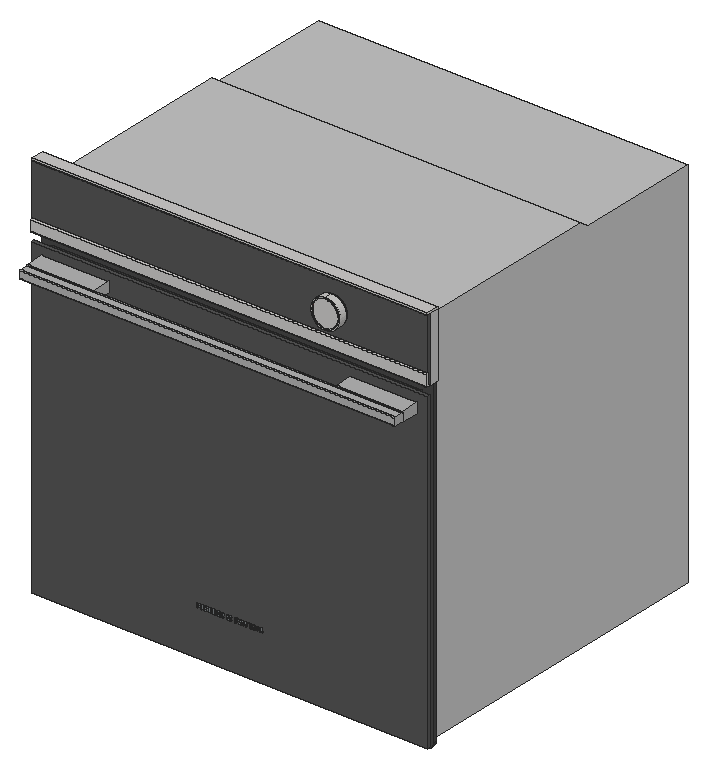
Revit family "FP-Revit18-OB60SD11PLX1-Oven-0-AU-IE-NZ-UK-90002664A", category Specialty Equipment, Revit 2018
Family settings
  Round Connector Dimension = Use Diameter
  Part Type = Normal
  OmniClass Number = 23.40.40.14.17.11
  OmniClass Title = Cookers, Ovens, Stoves
  Work Plane-Based = No
  Always vertical = Yes
  Cut with Voids When Loaded = Yes
  Shared = No
  Room Calculation Point = No
Parameters (values of type "OB60SD11PLX1")
  Visibility - Clearance Required = yes
  URL = "www.fisherpaykel.com"
  Product - Width = 596 mm  # constant formula
  Product - Height = 598 mm  # constant formula
  Product - Depth = 565 mm  # constant formula
  Model = "OB60SD11PLX1"
  Material - Trim = Fisher & Paykel - Stainless Steel
  Material - Structure = Fisher & Paykel - Black
  Material - Logo = Fisher & Paykel - Graphics Grey
  Material - Handle = Fisher & Paykel - Aluminium
  Material - Glass = Fisher & Paykel - Glass, Black
  Material - Buttons and Dials = Fisher & Paykel - Stainless Steel
  Material - Body = Fisher & Paykel - Grey
  Material - Bezel = Fisher & Paykel - Bezel Red
  Manufacturer = "Fisher & Paykel Appliances"
  FFL Offset [instance] = 200 mm
  Description = "60cm Built-In Oven"
  Connector Note - Electrical = "220-240 V, 12.8 - 13.8 A, 50 Hz"
  Chassis - Width = 556 mm  # constant formula
  Chassis - Height = 575 mm  # constant formula
  Chassis - Depth = 545 mm  # constant formula
  Cavity - Width = 560 mm  # constant formula
  Cavity - Height = 580 mm  # constant formula
  Cavity - Depth = 550 mm  # constant formula
Reference planes
  plane 1 "Datum": y = 0
  plane 2: z = 0
  plane 3 "Center (Left/Right)": x = 0
  plane 4 "Cavity": z = 780
  plane 5 "Product Height": z = 798
  plane 6 "Product LHS": x = -298
  plane 7 "Product RHS": x = 298
  plane 8 "Cavity LHS": x = -300
  plane 9 "Cavity RHS": x = 300
  plane 10 "Cavity - Depth": y = 550
  plane 11 "Product Depth": y = 545
  plane 12 "Front Face": y = -20
  plane 13 "FFL Offset": z = 200
  plane 14 "Cavity Height": z = 800
Forms (mm)
  Extrusion 1, solid, material "Fisher & Paykel - Grey" <- "Material - Body"
    sketch origin (0, 0, 0) x (0, 1, 0) y (0, 0, 1)
      loop
        line (0, 200) -> (525, 200) -> (525, 393.99) -> (545, 413.99) -> (545, 609.73) -> (495, 659.73) -> (495, 764.6) -> (307.721, 764.6) -> (293.958, 775) -> (0, 775) -> (0, 200)
    from -278 to 278
  Extrusion 2, void
    sketch origin (0, 0, 0) x (1, 0, 0) y (0, 1, 0)
      loop
        line (-278, 495) -> (-229.13, 495) -> (-179.13, 545) -> (-278, 545) -> (-278, 495)
      loop
        line (278, 495) -> (278, 545) -> (94.617, 545) -> (114.617, 525) -> (199.13, 525) -> (229.13, 495) -> (278, 495)
    from 200 to 764.6
  Extrusion 3, solid, material "Fisher & Paykel - Stainless Steel" <- "Material - Trim"
    sketch origin (0, 0, 0) x (0, 1, 0) y (0, 0, 1)
      loop
        line (0, 798) -> (-20.5, 798) -> (-20.5, 795.1) -> (0, 795.1) -> (0, 798)
    from -297.7 to 297.7
  Extrusion 4, solid, material "Fisher & Paykel - Grey" <- "Material - Body"
    sketch origin (0, 0, 0) x (0, 1, 0) y (0, 0, 1)
      loop
        line (-16, 795.1) -> (-16, 698) -> (0, 698) -> (0, 795.1) -> (-16, 795.1)
    from -297.7 to 297.7
  Extrusion 5, solid, material "Fisher & Paykel - Glass, Black" <- "Material - Glass"
    sketch origin (0, 0, 0) x (1, 0, 0) y (0, 0, 1)
      loop
        line (-298, 685.199) -> (-298, 210.2) -> (298, 210.2) -> (298, 685.199) -> (-298, 685.199)
      loop
        line (-298, 699.5) -> (298, 699.5) -> (298, 794.5) -> (-298, 794.5) -> (-298, 699.5)
    from 16 to 20
  Extrusion 6, solid, material "Fisher & Paykel - Black" <- "Material - Structure"
    sketch origin (0, 0, 0) x (0, 1, 0) y (0, 0, 1)
      loop
        line (-13.8, 683.7) -> (-16, 683.7) -> (-16, 224.7) -> (-5, 224.7) -> (-5, 680.497) -> (-13.8, 683.7)
    from -277 to 277
  Extrusion 7, solid, material "Fisher & Paykel - Black" <- "Material - Structure"
    sketch origin (0, 0, 0) x (1, 0, 0) y (0, 0, 1)
      loop
        line (-295, 698) -> (-295, 209.536)
        arc (-295, 209.536) -> (-292.207, 202.793) -> (-285.464, 200) r 9.536
        line (-285.464, 200) -> (285.5, 200)
        arc (285.5, 200) -> (292.218, 202.782) -> (295, 209.5) r 9.5
        line (295, 209.5) -> (295, 698) -> (-295, 698)
    from 0 to 5
  Extrusion 8, solid, material "Fisher & Paykel - Clearance Required", visible <- "Visibility - Clearance Required", detail levels coarse
    sketch origin (0, 0, 0) x (0, 1, 0) y (0, 0, 1)
      loop
        line (0, 800) -> (-20, 800) -> (-20, 685.452)
        arc (-20, 685.452) -> (-338.426, 558.091) -> (-479.879, 245.669) r 459.33
        line (-479.879, 245.669) -> (-453.852, 243.749) -> (-456.942, 201.858) -> (-440.966, 200.68) -> (-437.876, 242.565) -> (-20, 211.735) -> (-20, 200) -> (0, 200) -> (0, 800)
    from -300 to 300
  Extrusion 9, solid, material "Fisher & Paykel - Clearance Required", visible <- "Visibility - Clearance Required", detail levels coarse
    sketch origin (0, 0, 0) x (1, 0, 0) y (0, 1, 0)
      loop
        line (-280, 0) -> (280, 0) -> (280, 550) -> (-280, 550) -> (-280, 0)
    from 200 to 780
  Extrusion 10, void
    sketch origin (0, 0, 0) x (1, 0, 0) y (0, 1, 0)
      loop
        line (-300, -20) -> (300, -20) -> (300, 0) -> (-300, 0) -> (-300, -20)
    from 200 to 800
  Extrusion 11, solid, material "Fisher & Paykel - Stainless Steel" <- "Material - Trim", detail levels fine
    sketch origin (0, 0, 0) x (0, 1, 0) y (0, 0, 1)
      loop
        line (-21.7, 715.595) -> (-21.7, 699.2)
        arc (-21.7, 699.2) -> (-21.349, 698.351) -> (-20.5, 698) r 1.2
        line (-20.5, 698) -> (-17.526, 698) -> (-17.526, 699.5) -> (-20, 699.5) -> (-20, 717.643) -> (-20.789, 717.643) -> (-21.7, 715.595)
    from -298 to 298
  Extrusion 12, void
    sketch origin (0, 0, 0) x (1, 0, 0) y (0, 1, 0)
      loop
        line (-280, 550) -> (-280, 0) -> (280, 0) -> (280, 550) -> (-280, 550)
    from 200 to 780
  Extrusion 13, solid, material "Fisher & Paykel - Aluminium" <- "Material - Handle", detail levels fine
    sketch origin (0, -21, 664.221) x (0, 1, 0) y (0, 0, 1)
      loop
        arc (-26.813, 6.16) -> (-27.196, 6.554) -> (-27.728, 6.686) r 1
        line (-27.728, 6.686) -> (-40.035, 6.256)
        arc (-40.035, 6.256) -> (-40.719, 5.951) -> (-41, 5.257) r 1
        line (-41, 5.257) -> (-41, -5.257)
        arc (-41, -5.257) -> (-40.719, -5.951) -> (-40.035, -6.256) r 1
        line (-40.035, -6.256) -> (-27.709, -6.686)
        arc (-27.709, -6.686) -> (-27.175, -6.554) -> (-26.792, -6.158) r 1
        arc (-26.792, -6.158) -> (-25.256, 0.004) -> (-26.813, 6.16) r 13.038
    from -282.5 to 282.5
  Extrusion 14, solid, material "Fisher & Paykel - Aluminium" <- "Material - Handle", detail levels fine
    sketch origin (0, -21, 664.221) x (0, 1, 0) y (0, 0, 1)
      loop
        arc (-26.626, -6.008) -> (-26.614, -6.49) -> (-26.2, -6.737) r 0.5
        line (-26.2, -6.737) -> (1, -7.732) -> (1, 7.741) -> (-26.174, 6.747)
        arc (-26.174, 6.747) -> (-26.587, 6.5) -> (-26.6, 6.019) r 0.5
        arc (-26.6, 6.019) -> (-25.156, 0.002) -> (-26.626, -6.008) r 13.136
    from 182.5 to 282.5
  Extrusion 15, solid, material "Fisher & Paykel - Aluminium" <- "Material - Handle", detail levels coarse+medium
    sketch origin (0, -21, 664.221) x (1, 0, 0) y (0, 1, 0)
      loop
        line (-282.5, -41) -> (282.5, -41) -> (282.5, 1) -> (182.5, 1) -> (182.5, -26.156) -> (-182.5, -26.156) -> (-182.5, 1) -> (-282.5, 1) -> (-282.5, -41)
    from -8.022 to 7.978
  Extrusion 16, solid, material "Fisher & Paykel - Aluminium" <- "Material - Handle", detail levels fine
    sketch origin (0, -21, 664.221) x (0, 1, 0) y (0, 0, 1)
      loop
        arc (-26.626, -6.008) -> (-26.614, -6.49) -> (-26.2, -6.737) r 0.5
        line (-26.2, -6.737) -> (1, -7.732) -> (1, 7.741) -> (-26.174, 6.747)
        arc (-26.174, 6.747) -> (-26.587, 6.5) -> (-26.6, 6.019) r 0.5
        arc (-26.6, 6.019) -> (-25.156, 0.002) -> (-26.626, -6.008) r 13.136
    from -282.5 to -182.5
  Extrusion 17, solid, material "Fisher & Paykel - Aluminium" <- "Material - Handle", not visible, detail levels fine
    sketch origin (0, -22, 652) x (0, 1, 0) y (0, 0, 1)
      loop
        arc (-26.813, 6.16) -> (-27.196, 6.554) -> (-27.728, 6.686) r 1
        line (-27.728, 6.686) -> (-40.035, 6.256)
        arc (-40.035, 6.256) -> (-40.719, 5.951) -> (-41, 5.257) r 1
        line (-41, 5.257) -> (-41, -5.257)
        arc (-41, -5.257) -> (-40.719, -5.951) -> (-40.035, -6.256) r 1
        line (-40.035, -6.256) -> (-27.709, -6.686)
        arc (-27.709, -6.686) -> (-27.175, -6.554) -> (-26.792, -6.158) r 1
        arc (-26.792, -6.158) -> (-25.256, 0.004) -> (-26.813, 6.16) r 13.038
    from -282.5 to 282.5
  Extrusion 18, solid, material "Fisher & Paykel - Aluminium" <- "Material - Handle", not visible, detail levels fine
    sketch origin (0, -22, 652) x (0, 1, 0) y (0, 0, 1)
      loop
        arc (-26.626, -6.008) -> (-26.614, -6.49) -> (-26.2, -6.737) r 0.5
        line (-26.2, -6.737) -> (1, -7.732) -> (1, 7.741) -> (-26.174, 6.747)
        arc (-26.174, 6.747) -> (-26.587, 6.5) -> (-26.6, 6.019) r 0.5
        arc (-26.6, 6.019) -> (-25.156, 0.002) -> (-26.626, -6.008) r 13.136
    from 182.5 to 282.5
  Extrusion 19, solid, material "Fisher & Paykel - Aluminium" <- "Material - Handle", not visible, detail levels coarse+medium
    sketch origin (0, -22, 652) x (1, 0, 0) y (0, 1, 0)
      loop
        line (-282.5, -41) -> (282.5, -41) -> (282.5, 1) -> (182.5, 1) -> (182.5, -26.156) -> (-182.5, -26.156) -> (-182.5, 1) -> (-282.5, 1) -> (-282.5, -41)
    from -8.022 to 7.978
  Extrusion 20, solid, material "Fisher & Paykel - Aluminium" <- "Material - Handle", not visible, detail levels fine
    sketch origin (0, -22, 652) x (0, 1, 0) y (0, 0, 1)
      loop
        arc (-26.626, -6.008) -> (-26.614, -6.49) -> (-26.2, -6.737) r 0.5
        line (-26.2, -6.737) -> (1, -7.732) -> (1, 7.741) -> (-26.174, 6.747)
        arc (-26.174, 6.747) -> (-26.587, 6.5) -> (-26.6, 6.019) r 0.5
        arc (-26.6, 6.019) -> (-25.156, 0.002) -> (-26.626, -6.008) r 13.136
    from -282.5 to -182.5
  Extrusion 21, solid, material "Fisher & Paykel - Graphics Grey" <- "Material - Logo", detail levels fine
    sketch origin (0, -20, 278.956) x (1, 0, 0) y (0, 0, 1)
      loop
        line (-49.544, 0) -> (-47.97, 0) -> (-47.97, 2.138) -> (-45.511, 2.138) -> (-45.511, 3.472) -> (-47.97, 3.472) -> (-47.97, 4.712) -> (-45.295, 4.712) -> (-45.295, 6.04) -> (-49.544, 6.04) -> (-49.544, 0)
      loop
        line (-42.304, 6.04) -> (-42.304, 0) -> (-40.73, 0) -> (-40.73, 6.04) -> (-42.304, 6.04)
      loop
        line (-30.224, 6.04) -> (-30.224, 0) -> (-28.651, 0) -> (-28.651, 2.42) -> (-26.339, 2.42) -> (-26.339, 0) -> (-24.765, 0) -> (-24.765, 6.04) -> (-26.339, 6.04) -> (-26.339, 3.748) -> (-28.651, 3.748) -> (-28.651, 6.04) -> (-30.224, 6.04)
      loop
        line (-21.406, 6.04) -> (-21.406, 0) -> (-17.102, 0) -> (-17.102, 1.328) -> (-19.847, 1.328) -> (-19.847, 2.42) -> (-17.338, 2.42) -> (-17.338, 3.748) -> (-19.847, 3.748) -> (-19.847, 4.712) -> (-17.102, 4.712) -> (-17.102, 6.04) -> (-21.406, 6.04)
      loop
        line (46.167, 6.04) -> (46.167, 0) -> (50.456, 0) -> (50.456, 1.328) -> (47.741, 1.328) -> (47.741, 6.04) -> (46.167, 6.04)
      loop
        line (42.931, 6.04) -> (38.612, 6.04) -> (38.612, 0) -> (42.931, 0) -> (42.931, 1.328) -> (40.187, 1.328) -> (40.187, 2.42) -> (42.695, 2.42) -> (42.695, 3.748) -> (40.187, 3.748) -> (40.187, 4.712) -> (42.931, 4.712) -> (42.931, 6.04)
      loop
        line (33.951, 3.148) -> (36.183, 6.04) -> (34.344, 6.04) -> (32.415, 3.542) -> (32.415, 6.04) -> (30.842, 6.04) -> (30.842, 0) -> (32.415, 0) -> (32.415, 2.705) -> (34.403, 0) -> (36.263, 0) -> (33.951, 3.148)
      loop
        line (22.48, 6.04) -> (24.762, 2.42) -> (24.762, 0) -> (26.337, 0) -> (26.337, 2.341) -> (28.619, 6.04) -> (26.946, 6.04) -> (25.599, 3.707) -> (24.253, 6.04) -> (22.48, 6.04)
      loop
        line (18.979, 6.04) -> (17.483, 6.04) -> (15.024, 0) -> (16.569, 0) -> (17.001, 1.112) -> (19.421, 1.112) -> (19.854, 0) -> (21.438, 0) -> (18.979, 6.04)
      loop
        line (18.9, 2.439) -> (18.193, 4.174) -> (17.518, 2.439) -> (18.9, 2.439)
      loop
        line (8.531, 6.04) -> (8.531, 0) -> (10.105, 0) -> (10.105, 1.938) -> (11.099, 1.938)
        arc (11.099, 1.938) -> (13.15, 3.989) -> (11.099, 6.04) r 2.051
        line (11.099, 6.04) -> (8.531, 6.04)
      loop
        line (10.105, 4.712) -> (10.105, 3.197) -> (11.001, 3.197)
        arc (11.001, 3.197) -> (11.759, 3.954) -> (11.001, 4.712) r 0.757
        line (11.001, 4.712) -> (10.105, 4.712)
      loop
        line (-11.283, 6.04) -> (-13.866, 6.04) -> (-13.866, 0) -> (-12.292, 0) -> (-12.292, 1.336) -> (-11.492, 1.336) -> (-10.472, 0) -> (-8.653, 0) -> (-10.194, 1.973)
        arc (-10.194, 1.973) -> (-9.178, 4.424) -> (-11.283, 6.04) r 2.179
      loop
        line (-11.397, 4.712) -> (-12.292, 4.712) -> (-12.292, 3.053) -> (-11.397, 3.053)
        arc (-11.397, 3.053) -> (-10.568, 3.882) -> (-11.397, 4.712) r 0.83
      loop
        line (0.977, 4.712) -> (0.977, 6.153) -> (-3.075, 6.153) -> (-3.075, 4.851) -> (-2.474, 4.112)
        arc (-2.474, 4.112) -> (-3.01, 0.684) -> (0.455, 0.512) r 2.334
        line (0.455, 0.512) -> (0.96, -0.109) -> (2.746, -0.109) -> (1.36, 1.594) -> (2.561, 3.324) -> (0.943, 3.324) -> (0.487, 2.667) -> (-1.177, 4.712) -> (0.977, 4.712)
      loop
        arc (-1.625, 3.068) -> (-1.769, 1.668) -> (-0.368, 1.524) r 0.996
        line (-0.368, 1.524) -> (-1.625, 3.068)
      loop
        line (-34.68, 3.634) -> (-36.016, 3.91)
        arc (-36.016, 3.91) -> (-36.549, 4.443) -> (-36.016, 4.976) r 0.533
        arc (-36.016, 4.976) -> (-34.735, 4.79) -> (-33.559, 4.248) r 4.505
        line (-33.559, 4.248) -> (-33.559, 5.743)
        arc (-33.559, 5.743) -> (-35.049, 6.179) -> (-36.6, 6.109) r 4.726
        arc (-36.6, 6.109) -> (-38.036, 4.335) -> (-36.6, 2.561) r 1.814
        line (-36.6, 2.561) -> (-35.254, 2.282)
        arc (-35.254, 2.282) -> (-34.721, 1.749) -> (-35.254, 1.216) r 0.533
        arc (-35.254, 1.216) -> (-36.535, 1.402) -> (-37.711, 1.945) r 4.505
        line (-37.711, 1.945) -> (-37.711, 0.449)
        arc (-37.711, 0.449) -> (-36.22, 0.013) -> (-34.669, 0.083) r 4.726
        arc (-34.669, 0.083) -> (-33.234, 1.863) -> (-34.68, 3.634) r 1.814
    from 0 to 0.8
  Revolve 22, solid, material "Fisher & Paykel - Stainless Steel" <- "Material - Buttons and Dials", detail levels fine
    sketch origin (154.861, -20, 752.537) x (0, 1, 0) y (0, 0, 1)
      loop
        line (0, 22) -> (-0.843, 22) -> (-0.843, 16.038) -> (-2.39, 16.038) -> (-2.39, 22) -> (-13.7, 22) -> (-13.7, 21.2) -> (-13.191, 20) -> (-8.9, 20) -> (-8.9, 0) -> (0, 0) -> (0, 22)
      axis (0, 0) -> (-13.7, 0)
    angle from 0 to 360
  Extrusion 23, solid, material "Fisher & Paykel - Stainless Steel" <- "Material - Buttons and Dials", detail levels fine
    sketch origin (154.861, -20, 752.537) x (1, 0, 0) y (0, 0, 1)
      loop
        circle (0, 0) r 19.45
    from 8.9 to 13.191
  Extrusion 24, solid, material "Fisher & Paykel - Stainless Steel" <- "Material - Buttons and Dials", detail levels coarse+medium
    sketch origin (154.861, -20, 752.537) x (1, 0, 0) y (0, 0, 1)
      loop
        circle (0, 0) r 22
    from 0 to 13.7
  Extrusion 25, solid, material "Fisher & Paykel - Bezel Red" <- "Material - Bezel", detail levels fine
    sketch origin (154.861, -20, 752.537) x (1, 0, 0) y (0, 0, 1)
      loop
        circle (0, 0) r 19.45
      loop
        circle (0, 0) r 20
    from 2.39 to 13.191
  Extrusion 26, solid, material "Fisher & Paykel - Grey" <- "Material - Body"
    sketch origin (154.861, 0, 0) x (0, 1, 0) y (0, 0, 1)
      loop
        line (495, 736) -> (495, 683) -> (514, 683) -> (514, 736) -> (495, 736)
    from -372.861 to -289.861
  Extrusion 27, solid, material "Fisher & Paykel - Grey" <- "Material - Body"
    sketch origin (154.861, 0, 0) x (0, 1, 0) y (0, 0, 1)
      loop
        circle (504.5, 703) r 4
    from -410 to -372.861
Cuts and joins
  Extrusion 2 cuts Extrusion 1
Lines and regions (mm)
  model lines, style "Fisher & Paykel"
    curve 1: line (217, -20, 334) -> (-217, -20, 334)
    curve 2: line (217, -20, 617.236) -> (217, -20, 334)
    curve 3: line (-217, -20, 617.236) -> (217, -20, 617.236)
    curve 4: line (-217, -20, 334) -> (-217, -20, 617.236)
Text (mm)
  text "Due to ongoing product development, product details are subject to change without notice. \nPlease always refer to www.fisherpaykel.com for the most current product information. \n© Fisher & Paykel 2020" at (40.64, -604.808, 0), in view "Ref. Level (Plan)"
Dimensions and locks
  equal spacing: plane 6 "Product LHS", plane 3 "Center (Left/Right)", plane 7 "Product RHS"
  "Product - Width": plane 6 "Product LHS" to plane 7 "Product RHS"
  equal spacing: plane 8 "Cavity LHS", plane 3 "Center (Left/Right)", plane 9 "Cavity RHS"
  "Cavity - Depth": plane 10 "Cavity - Depth" to plane 1 "Datum"
  "Chassis - Depth": plane 11 "Product Depth" to plane 1 "Datum"
  plane 12 "Front Face" to plane 1 "Datum" = 20 mm
  "Product - Depth": plane 11 "Product Depth" to plane 12 "Front Face"
  "FFL Offset": plane 13 "FFL Offset" to level
  "Product - Height": plane 5 "Product Height" to plane 13 "FFL Offset"
  "Cavity - Height": plane 4 "Cavity" to plane 13 "FFL Offset"
  Extrusion 5 to plane 13 "FFL Offset" = 10.2 mm
  Extrusion 6 to plane 13 "FFL Offset" = 24.7 mm
  locked: plane 5 "Product Height" to cut or joined group of Extrusion 1, Extrusion 2 at 33.4
  locked: plane 14 "Cavity Height" to plane 13 "FFL Offset" at 600
  locked: Extrusion 21 to plane 13 "FFL Offset" at 78.847
  equal spacing: Extrusion 9, plane 3 "Center (Left/Right)", Extrusion 9
  "Cavity - Width": Extrusion 9 to Extrusion 9
  locked: Extrusion 15 to plane 13 "FFL Offset" at 472.199
  locked: Extrusion 8 sketch curve to plane 13 "FFL Offset" at 11.735
  equal spacing: cut or joined group of Extrusion 1, Extrusion 2, plane 3 "Center (Left/Right)", cut or joined group of Extrusion 1, Extrusion 2
  "Chassis - Width": cut or joined group of Extrusion 1, Extrusion 2 to cut or joined group of Extrusion 1, Extrusion 2
  aligned and locked: level to plane 2
  aligned and locked: plane 8 "Cavity LHS" to Extrusion 8
  aligned and locked: Extrusion 8 to plane 9 "Cavity RHS"
  aligned and locked: Extrusion 1 sketch curve to plane 13 "FFL Offset"
  aligned and locked: Extrusion 1 to Extrusion 2
  aligned and locked: Extrusion 2 to Extrusion 1
  aligned and locked: plane 13 "FFL Offset" to Extrusion 8 sketch curve
  aligned and locked: plane 13 "FFL Offset" to Extrusion 7 sketch curve
  aligned and locked: Extrusion 12 to cut or joined group of Extrusion 1, Extrusion 2
  aligned and locked: plane 4 "Cavity" to Extrusion 12
  aligned and locked: plane 4 "Cavity" to Extrusion 9
  aligned and locked: Extrusion 9 to cut or joined group of Extrusion 1, Extrusion 2
  aligned and locked: Extrusion 10 to cut or joined group of Extrusion 1, Extrusion 2
  aligned and locked: Extrusion 10 to Extrusion 7
  aligned and locked: Extrusion 10 to Extrusion 8
  aligned and locked: plane 14 "Cavity Height" to Extrusion 10
  aligned and locked: Extrusion 12 to Extrusion 9  (x2)
Automatic sketch dimensions
  Extrusion 13 sketch curve to Extrusion 13 sketch curve = 0.965 mm  (x2)
  Extrusion 13 sketch curve to Extrusion 13 sketch curve = 0.035 mm  (x4)
  Extrusion 13 sketch curve to Extrusion 13 sketch curve = 1.706 mm
  Extrusion 13 sketch curve to Extrusion 13 sketch curve = 12.307 mm
  Extrusion 13 sketch curve to Extrusion 13 sketch curve = 12.326 mm
  Extrusion 13 sketch curve to Extrusion 13 sketch curve = 0.999 mm  (x2)
  Extrusion 13 sketch curve to Extrusion 13 sketch curve = 5.238 mm
  Extrusion 13 sketch curve to Extrusion 13 sketch curve = 0 mm
  Extrusion 14 sketch curve to Extrusion 14 sketch curve = 12.091 mm
  Extrusion 14 sketch curve to Extrusion 14 sketch curve = 0.018 mm  (x2)
  Extrusion 14 sketch curve to Extrusion 14 sketch curve = 0.008 mm
  Extrusion 14 sketch curve to Extrusion 14 sketch curve = 27.174 mm
  Extrusion 14 sketch curve to Extrusion 14 sketch curve = 15.473 mm
  Extrusion 14 sketch curve to Extrusion 14 sketch curve = 0.5 mm  (x2)
  Extrusion 14 sketch curve to Extrusion 14 sketch curve = 0 mm
  Extrusion 15 sketch curve to Extrusion 15 sketch curve = 14.844 mm
  Extrusion 15 sketch curve to Extrusion 15 sketch curve = 27.156 mm  (x2)
  Extrusion 16 sketch curve to Extrusion 16 sketch curve = 12.091 mm
  Extrusion 16 sketch curve to Extrusion 16 sketch curve = 0.018 mm  (x2)
  Extrusion 16 sketch curve to Extrusion 16 sketch curve = 0.008 mm
  Extrusion 16 sketch curve to Extrusion 16 sketch curve = 27.174 mm
  Extrusion 16 sketch curve to Extrusion 16 sketch curve = 15.473 mm
  Extrusion 16 sketch curve to Extrusion 16 sketch curve = 0.5 mm  (x2)
  Extrusion 16 sketch curve to Extrusion 16 sketch curve = 0 mm
  Extrusion 13 sketch curve to Extrusion 13 sketch curve = 0.43 mm
  Extrusion 13 sketch curve to Extrusion 13 sketch curve = 5.275 mm
  Extrusion 13 sketch curve to Extrusion 13 sketch curve = 11.374 mm
  Extrusion 14 sketch curve to Extrusion 14 sketch curve = 0.995 mm
  Extrusion 14 sketch curve to Extrusion 14 sketch curve = 6.268 mm
  Extrusion 14 sketch curve to Extrusion 14 sketch curve = 12.255 mm
  Extrusion 15 sketch curve to Extrusion 15 sketch curve = 100 mm  (x2)
  Extrusion 15 sketch curve to Extrusion 15 sketch curve = 365 mm
  Extrusion 16 sketch curve to Extrusion 16 sketch curve = 0.995 mm
  Extrusion 16 sketch curve to Extrusion 16 sketch curve = 6.268 mm
  Extrusion 16 sketch curve to Extrusion 16 sketch curve = 12.255 mm
  Extrusion 17 sketch curve to Extrusion 17 sketch curve = 0.965 mm  (x2)
  Extrusion 17 sketch curve to Extrusion 17 sketch curve = 0.035 mm  (x4)
  Extrusion 17 sketch curve to Extrusion 17 sketch curve = 1.706 mm
  Extrusion 17 sketch curve to Extrusion 17 sketch curve = 12.307 mm
  Extrusion 17 sketch curve to Extrusion 17 sketch curve = 12.326 mm
  Extrusion 17 sketch curve to Extrusion 17 sketch curve = 0.999 mm  (x2)
  Extrusion 17 sketch curve to Extrusion 17 sketch curve = 5.238 mm
  Extrusion 17 sketch curve to Extrusion 17 sketch curve = 0 mm
  Extrusion 18 sketch curve to Extrusion 18 sketch curve = 12.091 mm
  Extrusion 18 sketch curve to Extrusion 18 sketch curve = 0.018 mm  (x2)
  Extrusion 18 sketch curve to Extrusion 18 sketch curve = 0.008 mm
  Extrusion 18 sketch curve to Extrusion 18 sketch curve = 27.174 mm
  Extrusion 18 sketch curve to Extrusion 18 sketch curve = 15.473 mm
  Extrusion 18 sketch curve to Extrusion 18 sketch curve = 0.5 mm  (x2)
  Extrusion 18 sketch curve to Extrusion 18 sketch curve = 0 mm
  Extrusion 19 sketch curve to Extrusion 19 sketch curve = 14.844 mm
  Extrusion 19 sketch curve to Extrusion 19 sketch curve = 27.156 mm  (x2)
  Extrusion 20 sketch curve to Extrusion 20 sketch curve = 12.091 mm
  Extrusion 20 sketch curve to Extrusion 20 sketch curve = 0.018 mm  (x2)
  Extrusion 20 sketch curve to Extrusion 20 sketch curve = 0.008 mm
  Extrusion 20 sketch curve to Extrusion 20 sketch curve = 27.174 mm
  Extrusion 20 sketch curve to Extrusion 20 sketch curve = 15.473 mm
  Extrusion 20 sketch curve to Extrusion 20 sketch curve = 0.5 mm  (x2)
  Extrusion 20 sketch curve to Extrusion 20 sketch curve = 0 mm
  Extrusion 17 sketch curve to Extrusion 17 sketch curve = 0.43 mm
  Extrusion 17 sketch curve to Extrusion 17 sketch curve = 5.275 mm
  Extrusion 17 sketch curve to Extrusion 17 sketch curve = 11.374 mm
  Extrusion 18 sketch curve to Extrusion 18 sketch curve = 0.995 mm
  Extrusion 18 sketch curve to Extrusion 18 sketch curve = 6.268 mm
  Extrusion 18 sketch curve to Extrusion 18 sketch curve = 12.255 mm
  Extrusion 19 sketch curve to Extrusion 19 sketch curve = 100 mm  (x2)
  Extrusion 19 sketch curve to Extrusion 19 sketch curve = 365 mm
  Extrusion 20 sketch curve to Extrusion 20 sketch curve = 0.995 mm
  Extrusion 20 sketch curve to Extrusion 20 sketch curve = 6.268 mm
  Extrusion 20 sketch curve to Extrusion 20 sketch curve = 12.255 mm
  Extrusion 1 sketch curve to plane 1 "Datum" = 0 mm
  Extrusion 1 sketch curve to plane 11 "Product Depth" = 0 mm
  Extrusion 1 sketch curve to plane 4 "Cavity" = 5 mm
  Extrusion 1 sketch curve to plane 11 "Product Depth" = 251.042 mm
  Extrusion 1 sketch curve to Extrusion 1 sketch curve = 13.762 mm
  Extrusion 1 sketch curve to plane 4 "Cavity" = 15.4 mm
  Extrusion 1 sketch curve to plane 11 "Product Depth" = 50 mm
  Extrusion 1 sketch curve to plane 11 "Product Depth" = 20 mm
  Extrusion 1 sketch curve to Extrusion 1 sketch curve = 193.99 mm
  Extrusion 1 sketch curve to Extrusion 1 sketch curve = 20 mm
  Extrusion 1 sketch curve to Extrusion 1 sketch curve = 154.87 mm
  Extrusion 1 sketch curve to Extrusion 1 sketch curve = 50 mm
  Extrusion 2 sketch curve to plane 11 "Product Depth" = 0 mm  (x2)
  Extrusion 2 sketch curve to plane 6 "Product LHS" = 20 mm
  Extrusion 2 sketch curve to Extrusion 2 sketch curve = 48.87 mm
  Extrusion 2 sketch curve to Extrusion 2 sketch curve = 50 mm  (x3)
  plane 3 "Center (Left/Right)" to Extrusion 2 sketch curve = 94.617 mm
  Extrusion 2 sketch curve to Extrusion 2 sketch curve = 20 mm
  Extrusion 2 sketch curve to plane 11 "Product Depth" = 20 mm
  Extrusion 2 sketch curve to Extrusion 2 sketch curve = 84.513 mm
  Extrusion 2 sketch curve to Extrusion 2 sketch curve = 30 mm
  plane 7 "Product RHS" to Extrusion 2 sketch curve = 20 mm
  Extrusion 3 sketch curve to plane 1 "Datum" = 0 mm
  Extrusion 3 sketch curve to plane 12 "Front Face" = 0.5 mm
  Extrusion 3 sketch curve to plane 5 "Product Height" = 2.9 mm
  plane 5 "Product Height" to Extrusion 3 sketch curve = 0 mm
  Extrusion 4 sketch curve to plane 1 "Datum" = 0 mm
  plane 12 "Front Face" to Extrusion 4 sketch curve = 4 mm
  Extrusion 4 sketch curve to plane 4 "Cavity" = 82 mm
  Extrusion 4 sketch curve to plane 5 "Product Height" = 2.9 mm
  plane 6 "Product LHS" to Extrusion 5 sketch curve = 0 mm  (x2)
  plane 7 "Product RHS" to Extrusion 5 sketch curve = 0 mm  (x2)
  plane 13 "FFL Offset" to Extrusion 5 sketch curve = 10.2 mm
  Extrusion 5 sketch curve to plane 4 "Cavity" = 94.801 mm
  Extrusion 5 sketch curve to Extrusion 5 sketch curve = 14.301 mm
  Extrusion 5 sketch curve to plane 5 "Product Height" = 3.5 mm
  plane 12 "Front Face" to Extrusion 6 sketch curve = 4 mm
  Extrusion 6 sketch curve to Extrusion 6 sketch curve = 2.2 mm
  plane 1 "Datum" to Extrusion 6 sketch curve = 5 mm
  plane 13 "FFL Offset" to Extrusion 6 sketch curve = 24.7 mm
  Extrusion 6 sketch curve to plane 4 "Cavity" = 99.503 mm
  Extrusion 6 sketch curve to Extrusion 6 sketch curve = 3.203 mm
  Extrusion 7 sketch curve to plane 6 "Product LHS" = 3 mm
  Extrusion 7 sketch curve to Extrusion 7 sketch curve = 9.536 mm
  plane 7 "Product RHS" to Extrusion 7 sketch curve = 12.5 mm
  plane 7 "Product RHS" to Extrusion 7 sketch curve = 3 mm
  Extrusion 7 sketch curve to plane 4 "Cavity" = 82 mm
  Extrusion 9 sketch curve to plane 10 "Cavity - Depth" = 0 mm
  plane 1 "Datum" to Extrusion 9 sketch curve = 0 mm
  Extrusion 9 sketch curve to plane 6 "Product LHS" = 18 mm
  plane 7 "Product RHS" to Extrusion 9 sketch curve = 18 mm
  plane 1 "Datum" to Extrusion 10 sketch curve = 0 mm
  Extrusion 10 sketch curve to plane 8 "Cavity LHS" = 0 mm
  Extrusion 10 sketch curve to plane 9 "Cavity RHS" = 0 mm
  Extrusion 10 sketch curve to plane 12 "Front Face" = 0 mm
  Extrusion 11 sketch curve to plane 12 "Front Face" = 0 mm
  Extrusion 11 sketch curve to plane 12 "Front Face" = 0.5 mm
  Extrusion 11 sketch curve to Extrusion 11 sketch curve = 0.789 mm
  Extrusion 11 sketch curve to plane 12 "Front Face" = 1.7 mm
  plane 12 "Front Face" to Extrusion 11 sketch curve = 2.474 mm
  Extrusion 11 sketch curve to plane 4 "Cavity" = 82 mm
  Extrusion 11 sketch curve to Extrusion 11 sketch curve = 1.5 mm
  Extrusion 11 sketch curve to Extrusion 11 sketch curve = 16.095 mm
  Extrusion 11 sketch curve to Extrusion 11 sketch curve = 2.048 mm
  plane 1 "Datum" to Extrusion 12 sketch curve = 0 mm
  Extrusion 12 sketch curve to plane 10 "Cavity - Depth" = 0 mm
  Extrusion 12 sketch curve to plane 6 "Product LHS" = 18 mm
  plane 7 "Product RHS" to Extrusion 12 sketch curve = 18 mm
  Extrusion 21 sketch curve to plane 3 "Center (Left/Right)" = 49.544 mm
  Extrusion 21 sketch curve to Extrusion 21 sketch curve = 1.574 mm  (x12)
  Extrusion 21 sketch curve to Extrusion 21 sketch curve = 2.459 mm
  Extrusion 21 sketch curve to Extrusion 21 sketch curve = 0.216 mm
  Extrusion 21 sketch curve to Extrusion 21 sketch curve = 3.207 mm
  Extrusion 21 sketch curve to Extrusion 21 sketch curve = 3.02 mm
  Extrusion 21 sketch curve to Extrusion 21 sketch curve = 1.11 mm
  Extrusion 21 sketch curve to Extrusion 21 sketch curve = 0.379 mm
  Extrusion 21 sketch curve to Extrusion 21 sketch curve = 0.206 mm  (x2)
  Extrusion 21 sketch curve to Extrusion 21 sketch curve = 0.36 mm  (x2)
  Extrusion 21 sketch curve to Extrusion 21 sketch curve = 0.402 mm
  Extrusion 21 sketch curve to Extrusion 21 sketch curve = 0 mm  (x21)
  Extrusion 21 sketch curve to Extrusion 21 sketch curve = 1.335 mm  (x2)
  Extrusion 21 sketch curve to Extrusion 21 sketch curve = 1.121 mm
  Extrusion 21 sketch curve to Extrusion 21 sketch curve = 3.335 mm
  Extrusion 21 sketch curve to Extrusion 21 sketch curve = 2.312 mm  (x2)
  Extrusion 21 sketch curve to Extrusion 21 sketch curve = 3.359 mm
  Extrusion 21 sketch curve to Extrusion 21 sketch curve = 1.559 mm
  Extrusion 21 sketch curve to Extrusion 21 sketch curve = 2.508 mm  (x2)
  Extrusion 21 sketch curve to Extrusion 21 sketch curve = 0.236 mm  (x4)
  Extrusion 21 sketch curve to Extrusion 21 sketch curve = 3.236 mm  (x2)
  Extrusion 21 sketch curve to Extrusion 21 sketch curve = 0.8 mm
  Extrusion 21 sketch curve to Extrusion 21 sketch curve = 0.895 mm
  Extrusion 21 sketch curve to Extrusion 21 sketch curve = 0.114 mm
  Extrusion 21 sketch curve to Extrusion 21 sketch curve = 1.02 mm
  Extrusion 21 sketch curve to Extrusion 21 sketch curve = 1.298 mm
  Extrusion 21 sketch curve to Extrusion 21 sketch curve = 1.82 mm
  Extrusion 21 sketch curve to plane 3 "Center (Left/Right)" = 3.075 mm
  Extrusion 21 sketch curve to Extrusion 21 sketch curve = 0.602 mm
  Extrusion 21 sketch curve to Extrusion 21 sketch curve = 0.849 mm
  Extrusion 21 sketch curve to Extrusion 21 sketch curve = 0.425 mm
  Extrusion 21 sketch curve to plane 3 "Center (Left/Right)" = 1.177 mm
  Extrusion 21 sketch curve to Extrusion 21 sketch curve = 0.203 mm
  Extrusion 21 sketch curve to plane 3 "Center (Left/Right)" = 0.368 mm
  plane 3 "Center (Left/Right)" to Extrusion 21 sketch curve = 0.455 mm
  plane 3 "Center (Left/Right)" to Extrusion 21 sketch curve = 0.487 mm
  Extrusion 21 sketch curve to Extrusion 21 sketch curve = 0.456 mm
  Extrusion 21 sketch curve to Extrusion 21 sketch curve = 0.505 mm
  plane 3 "Center (Left/Right)" to Extrusion 21 sketch curve = 0.977 mm
  plane 3 "Center (Left/Right)" to Extrusion 21 sketch curve = 1.36 mm
  Extrusion 21 sketch curve to Extrusion 21 sketch curve = 1.618 mm
  Extrusion 21 sketch curve to Extrusion 21 sketch curve = 1.785 mm
  Extrusion 21 sketch curve to Extrusion 21 sketch curve = 5.971 mm
  Extrusion 21 sketch curve to Extrusion 21 sketch curve = 0.896 mm
  Extrusion 21 sketch curve to Extrusion 21 sketch curve = 0.994 mm
  Extrusion 21 sketch curve to Extrusion 21 sketch curve = 3.925 mm
  Extrusion 21 sketch curve to Extrusion 21 sketch curve = 1.545 mm
  Extrusion 21 sketch curve to Extrusion 21 sketch curve = 0.433 mm  (x2)
  Extrusion 21 sketch curve to Extrusion 21 sketch curve = 0.482 mm
  Extrusion 21 sketch curve to Extrusion 21 sketch curve = 0.517 mm
  Extrusion 21 sketch curve to Extrusion 21 sketch curve = 0.675 mm
  Extrusion 21 sketch curve to Extrusion 21 sketch curve = 1.381 mm
  Extrusion 21 sketch curve to Extrusion 21 sketch curve = 1.495 mm
  Extrusion 21 sketch curve to Extrusion 21 sketch curve = 0.522 mm
  Extrusion 21 sketch curve to Extrusion 21 sketch curve = 1.584 mm
  Extrusion 21 sketch curve to Extrusion 21 sketch curve = 3.502 mm
  Extrusion 21 sketch curve to Extrusion 21 sketch curve = 1.772 mm
  Extrusion 21 sketch curve to Extrusion 21 sketch curve = 0.51 mm
  Extrusion 21 sketch curve to Extrusion 21 sketch curve = 0.837 mm
  Extrusion 21 sketch curve to Extrusion 21 sketch curve = 0.737 mm
  Extrusion 21 sketch curve to Extrusion 21 sketch curve = 2.694 mm
  Extrusion 21 sketch curve to Extrusion 21 sketch curve = 1.673 mm
  Extrusion 21 sketch curve to Extrusion 21 sketch curve = 2.223 mm
  Extrusion 21 sketch curve to Extrusion 21 sketch curve = 1.535 mm
  Extrusion 21 sketch curve to Extrusion 21 sketch curve = 1.928 mm
  Extrusion 21 sketch curve to Extrusion 21 sketch curve = 1.987 mm
  Extrusion 21 sketch curve to Extrusion 21 sketch curve = 1.839 mm
  Extrusion 21 sketch curve to Extrusion 21 sketch curve = 1.86 mm
  Extrusion 21 sketch curve to Extrusion 21 sketch curve = 2.429 mm
  Extrusion 21 sketch curve to Extrusion 21 sketch curve = 2.715 mm
  plane 13 "FFL Offset" to Extrusion 21 sketch curve = 78.847 mm
  Extrusion 21 sketch curve to Extrusion 21 sketch curve = 0.109 mm  (x5)
  Extrusion 21 sketch curve to Extrusion 21 sketch curve = 0.449 mm
  Extrusion 21 sketch curve to Extrusion 21 sketch curve = 0.023 mm
  Extrusion 21 sketch curve to Extrusion 21 sketch curve = 0.621 mm
  Extrusion 21 sketch curve to Extrusion 21 sketch curve = 1.112 mm
  Extrusion 21 sketch curve to Extrusion 21 sketch curve = 1.328 mm  (x10)
  Extrusion 21 sketch curve to Extrusion 21 sketch curve = 1.336 mm
  Extrusion 21 sketch curve to Extrusion 21 sketch curve = 1.015 mm
  Extrusion 21 sketch curve to Extrusion 21 sketch curve = 1.012 mm
  Extrusion 21 sketch curve to Extrusion 21 sketch curve = 1.082 mm
  Extrusion 21 sketch curve to Extrusion 21 sketch curve = 0.262 mm  (x2)
  Extrusion 21 sketch curve to Extrusion 21 sketch curve = 1.938 mm
  Extrusion 21 sketch curve to Extrusion 21 sketch curve = 1.496 mm  (x2)
  Extrusion 21 sketch curve to Extrusion 21 sketch curve = 0.637 mm
  Extrusion 21 sketch curve to Extrusion 21 sketch curve = 2.138 mm
  Extrusion 21 sketch curve to Extrusion 21 sketch curve = 0.632 mm
  Extrusion 21 sketch curve to Extrusion 21 sketch curve = 0.424 mm  (x2)
  Extrusion 21 sketch curve to Extrusion 21 sketch curve = 0.14 mm
  Extrusion 21 sketch curve to Extrusion 21 sketch curve = 2.341 mm
  Extrusion 21 sketch curve to Extrusion 21 sketch curve = 1.092 mm  (x2)
  Extrusion 21 sketch curve to Extrusion 21 sketch curve = 2.42 mm
  Extrusion 21 sketch curve to Extrusion 21 sketch curve = 0.079 mm
  Extrusion 21 sketch curve to Extrusion 21 sketch curve = 0.616 mm
  Extrusion 21 sketch curve to Extrusion 21 sketch curve = 1.073 mm
  Extrusion 21 sketch curve to Extrusion 21 sketch curve = 2.705 mm
  Extrusion 21 sketch curve to Extrusion 21 sketch curve = 1.716 mm
  Extrusion 21 sketch curve to Extrusion 21 sketch curve = 0.442 mm
  Extrusion 21 sketch curve to Extrusion 21 sketch curve = 1.259 mm
  Extrusion 21 sketch curve to Extrusion 21 sketch curve = 1.73 mm
  Extrusion 21 sketch curve to Extrusion 21 sketch curve = 0.836 mm
  Extrusion 21 sketch curve to Extrusion 21 sketch curve = 1.352 mm
  Extrusion 21 sketch curve to Extrusion 21 sketch curve = 1.287 mm
  Extrusion 21 sketch curve to Extrusion 21 sketch curve = 0.808 mm
  Extrusion 21 sketch curve to Extrusion 21 sketch curve = 0.022 mm
  Extrusion 21 sketch curve to Extrusion 21 sketch curve = 0.276 mm
  Extrusion 21 sketch curve to Extrusion 21 sketch curve = 0.757 mm
  Extrusion 21 sketch curve to Extrusion 21 sketch curve = 0.034 mm
  Extrusion 21 sketch curve to Extrusion 21 sketch curve = 1.735 mm
  Extrusion 21 sketch curve to Extrusion 21 sketch curve = 0.614 mm
  Extrusion 21 sketch curve to Extrusion 21 sketch curve = 0.6 mm
  Extrusion 21 sketch curve to Extrusion 21 sketch curve = 0.964 mm  (x2)
  Extrusion 21 sketch curve to Extrusion 21 sketch curve = 1.24 mm
  Extrusion 21 sketch curve to Extrusion 21 sketch curve = 0.739 mm
  Extrusion 21 sketch curve to Extrusion 21 sketch curve = 0.744 mm
  Extrusion 21 sketch curve to Extrusion 21 sketch curve = 2.292 mm  (x2)
  Extrusion 21 sketch curve to Extrusion 21 sketch curve = 1.866 mm
  Extrusion 21 sketch curve to Extrusion 21 sketch curve = 2.892 mm
  Extrusion 21 sketch curve to Extrusion 21 sketch curve = 2.498 mm
  Extrusion 21 sketch curve to Extrusion 21 sketch curve = 1.302 mm
  plane 13 "FFL Offset" to curve 1 = 134 mm
  plane 7 "Product RHS" to curve 3 = 81 mm
  curve 3 to plane 4 "Cavity" = 162.764 mm
  curve 4 to plane 6 "Product LHS" = 81 mm
  plane 1 "Datum" to Revolve 22 sketch curve = 20 mm  (x2)
  plane 1 "Datum" to Revolve 22 sketch curve = 20.843 mm
  Revolve 22 sketch curve to Revolve 22 sketch curve = 1.547 mm
  Revolve 22 sketch curve to Revolve 22 sketch curve = 6.51 mm
  Revolve 22 sketch curve to Revolve 22 sketch curve = 4.291 mm
  Revolve 22 sketch curve to Revolve 22 sketch curve = 0.509 mm
  plane 13 "FFL Offset" to Revolve 22 sketch curve = 552.537 mm
  plane 13 "FFL Offset" to Revolve 22 sketch curve = 568.576 mm
  Revolve 22 sketch curve to Revolve 22 sketch curve = 3.962 mm
  Revolve 22 sketch curve to Revolve 22 sketch curve = 1.2 mm
  Revolve 22 sketch curve to Revolve 22 sketch curve = 0.8 mm
  Revolve 22 sketch curve to Revolve 22 sketch curve = 0 mm  (x2)
  Revolve 22 sketch curve to plane 12 "Front Face" = 18.633 mm
  plane 13 "FFL Offset" to Extrusion 23 sketch curve = 552.537 mm
  Extrusion 23 sketch curve to plane 8 "Cavity LHS" = 454.861 mm
  plane 13 "FFL Offset" to Extrusion 24 sketch curve = 552.537 mm
  Extrusion 24 sketch curve to plane 8 "Cavity LHS" = 454.861 mm
  Extrusion 25 sketch curve to Extrusion 25 sketch curve = 0 mm  (x2)
  plane 13 "FFL Offset" to Extrusion 25 sketch curve = 552.537 mm
  Extrusion 25 sketch curve to plane 8 "Cavity LHS" = 454.861 mm
  Extrusion 8 sketch curve to plane 12 "Front Face" = 0 mm  (x2)
  Extrusion 8 sketch curve to plane 1 "Datum" = 0 mm
  Extrusion 8 sketch curve to plane 14 "Cavity Height" = 0 mm
  Extrusion 8 sketch curve to plane 12 "Front Face" = 0.966 mm
  plane 13 "FFL Offset" to Extrusion 8 sketch curve = 42.565 mm
  Extrusion 8 sketch curve to Extrusion 8 sketch curve = 416.91 mm
  plane 13 "FFL Offset" to Extrusion 8 sketch curve = 0.68 mm
  plane 13 "FFL Offset" to Extrusion 8 sketch curve = 43.749 mm
  Extrusion 8 sketch curve to Extrusion 8 sketch curve = 15.976 mm
  plane 13 "FFL Offset" to Extrusion 8 sketch curve = 45.669 mm
  Extrusion 8 sketch curve to Extrusion 8 sketch curve = 14.388 mm
  Extrusion 26 sketch curve to plane 11 "Product Depth" = 50 mm
  Extrusion 26 sketch curve to Extrusion 26 sketch curve = 19 mm
  Extrusion 26 sketch curve to plane 4 "Cavity" = 97 mm
  Extrusion 26 sketch curve to plane 4 "Cavity" = 44 mm
  Extrusion 27 sketch curve to plane 11 "Product Depth" = 40.5 mm
  Extrusion 27 sketch curve to plane 4 "Cavity" = 77 mm
  radius of Extrusion 23 sketch curve = 19.45 mm
  radius of Extrusion 24 sketch curve = 22 mm
  radius of Extrusion 25 sketch curve = 19.45 mm
  radius of Extrusion 25 sketch curve = 20 mm
  radius of Extrusion 27 sketch curve = 4 mm
